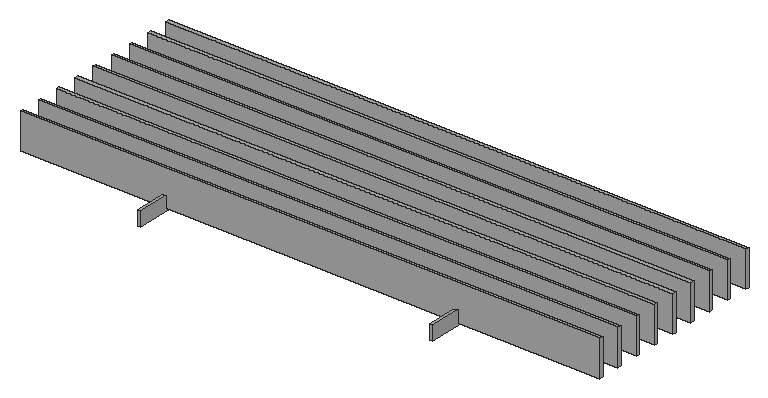
Revit family
Parameters (values of type "Style 101")
  Unit Length = if(or(and(Min Max < 3048 mm, Min Max > 610 mm), or(Min Max = 3048 mm, Min Max = 610 mm)), Min Max, if(Min Max < 610 mm, 610 mm, 3048 mm))  # 610 mm
  Unit Width = 250 mm
  Top of Unit = 3200 mm
  Min Max = 500 mm
  Inside = (Unit Width - (23 mm * 2))  # 204 mm
  Grille Height = 38 mm
  Grille Depth = 3 mm
  Finish = Ametco - Cal Gray
  Bracing Offset = 150 mm
  Array Grille [instance] = (Inside / 23 mm)  # 9
Reference planes
  plane 1 "Center (Front/Back)": y = 0
  plane 2: z = 0
  plane 3 "Center (Left/Right)": x = 0
  plane 4: x = 305
  plane 5: x = -305
  plane 6: y = -24
  plane 7: y = -250
  plane 8: z = 3200
  plane 9: z = 3197
  plane 10: z = 3212
Forms (mm)
  Extrusion 1, solid, material "Ametco - Cal Gray" <- "Finish"
    sketch origin (0, 0, 2000) x (1, 0, 0) y (0, 0, 1)
      loop
        line (-155, 1212) -> (-155, 1197) -> (-152, 1197) -> (-152, 1212) -> (-155, 1212)
    from 0 to 250
  Extrusion 2, solid, material "Ametco - Cal Gray" <- "Finish"
    sketch origin (0, 0, 2000) x (-1, 0, 0) y (0, 0, -1)
      loop
        line (-155, -1212) -> (-152, -1212) -> (-152, -1197) -> (-155, -1197) -> (-155, -1212)
    from 0 to 250
Dimensions and locks
  plane 5 to plane 3 "Center (Left/Right)" to plane 4 = 305 mm, 305 mm
  "Unit Length": plane 5 to plane 4
  Extrusion 1 sketch curve to Extrusion 1 sketch curve = 3 mm
  Extrusion 1 sketch curve to Extrusion 1 sketch curve = 15 mm
  "Bracing Offset": plane 5 to Extrusion 1
  Extrusion 2 sketch curve to Extrusion 2 sketch curve = 3 mm
  Extrusion 2 sketch curve to Extrusion 2 sketch curve = 15 mm
  "Bracing Offset": Extrusion 2 to plane 4
  plane 6 to plane 1 "Center (Front/Back)" = 24 mm
  nested 1 to plane 1 "Center (Front/Back)" = 22.5 mm
  "Unit Width": plane 7 to plane 1 "Center (Front/Back)"
  group 1 to group 2 to group 3 to group 4 to group 5 to group 6 to group 7 to group 8 to group 9 = 0 mm, 0 mm, 0 mm, 0 mm, 0 mm, 0 mm, 0 mm, 0 mm  (x2)
  group 9 to group 8 to group 7 to group 6 to group 5 to group 4 to group 3 to group 2 to group 1 = 24 mm, 24 mm, 24 mm, 24 mm, 24 mm, 24 mm, 24 mm, 24 mm
  "Top of Unit": plane 8 to plane 2
  plane 8 to plane 9 = 3 mm
  plane 10 to plane 9 = 15 mm
  aligned: Extrusion 1 to plane 1 "Center (Front/Back)"
  aligned: Extrusion 1 to plane 7
  aligned: Extrusion 2 to plane 1 "Center (Front/Back)"
  aligned: Extrusion 2 to plane 7
  aligned: Extrusion 2 to Extrusion 1
  aligned: Extrusion 1 to plane 9
  aligned: plane 10 to Extrusion 1
  aligned: plane 10 to Extrusion 2
Automatic sketch dimensions
  level to Extrusion 1 sketch curve = 3197 mm
  plane 5 to Extrusion 1 sketch curve = 150 mm
  Extrusion 2 sketch curve to level = 3197 mm
  plane 4 to Extrusion 2 sketch curve = 150 mm
Nested families
  nested 1: "048-Grille" at (0, -25.5, 3200), type "048-Grille"
    with Unit Width 610 mm
  nested 2: "048-Grille" at (0, -49.5, 3200), type "048-Grille"
    with Unit Width 610 mm
  nested 3: "048-Grille" at (0, -73.5, 3200), type "048-Grille"
    with Unit Width 610 mm
  nested 4: "048-Grille" at (0, -97.5, 3200), type "048-Grille"
    with Unit Width 610 mm
  nested 5: "048-Grille" at (0, -121.5, 3200), type "048-Grille"
    with Unit Width 610 mm
  nested 6: "048-Grille" at (0, -145.5, 3200), type "048-Grille"
    with Unit Width 610 mm
  nested 7: "048-Grille" at (0, -169.5, 3200), type "048-Grille"
    with Unit Width 610 mm
  nested 8: "048-Grille" at (0, -193.5, 3200), type "048-Grille"
    with Unit Width 610 mm
  nested 9: "048-Grille" at (0, -217.5, 3200), type "048-Grille"
    with Unit Width 610 mm
Definition of nested family "048-Grille"
  Parameters (values of type "048-Grille")
    Unit Width = 1100 mm
    Grille Height = 38 mm
    Grille Depth = 3 mm
    Finish = Ametco - Light Blue
    Assembly Code = ""
  Reference planes
    plane 1 "Center (Front/Back)": y = 0
    plane 2: z = 0
    plane 3 "Center (Left/Right)": x = 0
    plane 4: x = -550
    plane 5: x = 550
  Forms (mm)
    Extrusion 1, solid, material "Ametco - Light Blue" <- "Finish"
      sketch origin (0, 0, 0) x (0, 1, 0) y (0, 0, 1)
        loop
          line (0, 0) -> (3, 0) -> (3, 38) -> (0, 38) -> (0, 0)
      from -550 to 550
  Dimensions and locks
    "Grille Depth": Extrusion 1 sketch curve to Extrusion 1 sketch curve
    "Grille Height": Extrusion 1 sketch curve to Extrusion 1 sketch curve
    plane 4 to plane 3 "Center (Left/Right)" to plane 5 = 550 mm, 550 mm
    "Unit Width": plane 4 to plane 5
    aligned: Extrusion 1 to plane 4
    aligned: plane 5 to Extrusion 1
  Automatic sketch dimensions
    Extrusion 1 sketch curve to plane 1 "Center (Front/Back)" = 0 mm
    Extrusion 1 sketch curve to level = 0 mm
